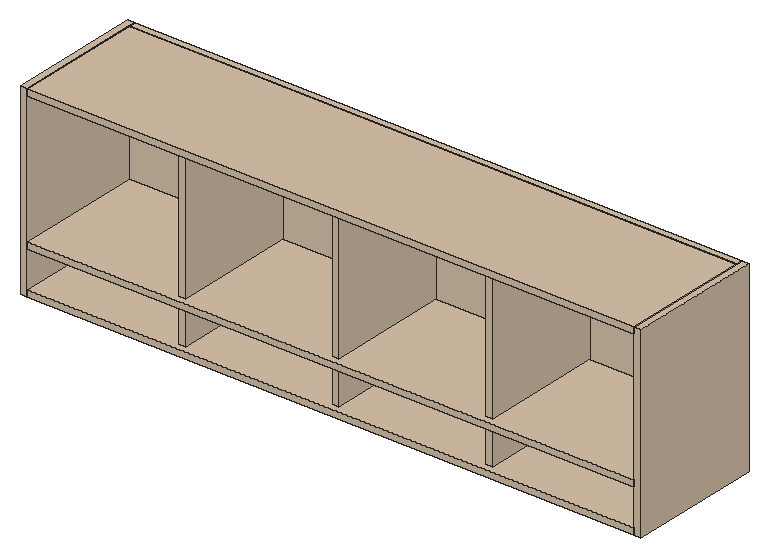
Revit family "Haworth_ComposeStorage_StorageBox2", category Furniture Systems, Revit 2018
Family settings
  Round Connector Dimension = Use Diameter
  Part Type = Normal
  OmniClass Number = 23.40.70.14.64.21
  OmniClass Title = Systems Furniture
  Work Plane-Based = No
  Always vertical = Yes
  Cut with Voids When Loaded = No
  Shared = No
  Room Calculation Point = No
Parameters (values of type "Wall Mounted Storage Box - 96w")
  Width = 72"
  Edge Finish = Haworth _ Wood _ White Oak
  Door2 = yes
  Door Width = if(Actual Width > 48", Actual Width / 2 - 1/4", Actual Width - 1/2")  # 35 3/4"
  Door 2 Right Edge = 1/4"
  Center Vertical = Actual Width > 48"  # yes
  Warranty = "http://www.haworth.com/resources/product-info/warranties"
  URL - Product = "http://www.haworth.com/products/storage/cabinets-towers/compose"
  Sustainability Info = "http://media.haworth.com/asset/2999/Compose%20PEDS.pdf"
  Model = "Haworth - Compose - Wall Mounted Storage Box"  # constant formula
  Description = "Haworth - Compose - Wall Mounted Storage Box"  # constant formula
  Cabinet Finish = Haworth _ Wood _ White Oak
  Box Width = (Actual Width - 3/4") / 4  # 17 13/16"
  Assembly Code = "E2020200"
  URL = "www.haworth.com"
  Size = "Verify Final Dim. w/ Haworth"  # constant formula
  Revision Number = "4"  # constant formula
  Mounting Offset [instance] = 29"
  Manufacturer = "Haworth"  # constant formula
  Author = "SHAPE Environments, LLC"  # constant formula
  Standard Widths = "48, 60, 66, 72 in."  # constant formula
  Actual Width = Width  # 72"
  Actual Height = 21 5/8"  # constant formula
  Actual Depth = 15 5/8"  # constant formula
Reference planes (in)
  plane 1 "Back": y = 0
  plane 2: z = 0
  plane 3 "Center L/R": x = -20.5
  plane 4 "Bottom": z = 29
  plane 5 "Top": z = 77.625
  plane 6 "left": x = -56.5
  plane 7 "right": x = 15.5
  plane 8 "Inside Right": x = 14.75
  plane 9 "Inside Left": x = -55.75
  plane 10 "Front": y = -15.625
  plane 11 "divider front": y = -14.875
  plane 12 "Back Thickness": y = -0.75
  plane 13 "Bottom of Door": z = 56
  plane 14 "Door Edge": x = -20.5
  plane 15 "Divider - Left Side": x = -20.875
  plane 16 "Divider - Right Side": x = -20.125
  plane 17: z = 76.875
  plane 18: z = 56.75
  plane 19: x = -38.3125
  plane 20: x = -2.6875
  plane 21: z = 61
  plane 22: z = 61.75
  plane 23: x = -56.125
  plane 24: x = 15.125
Forms (in)
  Extrusion 1, solid, material "Haworth _ Wood _ White Oak" <- "Cabinet Finish"
    sketch origin (0, 0, 0) x (1, 0, 0) y (0, 1, 0)
      loop
        line (-56.5, 0) -> (-56.5, -15.625) -> (-55.75, -15.625) -> (-55.75, 0) -> (-56.5, 0)
    from 56 to 77.625
  Extrusion 2, solid, material "Haworth _ Wood _ White Oak" <- "Cabinet Finish"
    sketch origin (0, 0, 0) x (1, 0, 0) y (0, 1, 0)
      loop
        line (14.75, 0) -> (14.75, -15.625) -> (15.5, -15.625) -> (15.5, 0) -> (14.75, 0)
    from 56 to 77.625
  Extrusion 3, solid, material "Haworth _ Wood _ White Oak" <- "Cabinet Finish"
    sketch origin (-56.5, 0, 0) x (0, 0, 1) y (0, -1, 0)
      loop
        line (77.625, 0) -> (77.625, 0.75) -> (56, 0.75) -> (56, 0) -> (77.625, 0)
    from 0.75 to 71.25
  Extrusion 4, solid, material "Haworth _ Wood _ White Oak" <- "Cabinet Finish"
    sketch origin (-56.5, 0, 0) x (0, 0, 1) y (0, -1, 0)
      loop
        line (77.625, 0.75) -> (77.625, 15.625) -> (76.875, 15.625) -> (76.875, 0.75) -> (77.625, 0.75)
    from 0.75 to 71.25
  Extrusion 5, solid, material "Haworth _ Wood _ White Oak" <- "Cabinet Finish"
    sketch origin (0, 0, 0) x (1, 0, 0) y (0, 1, 0)
      loop
        line (-20.875, -0.75) -> (-20.875, -14.875) -> (-20.125, -14.875) -> (-20.125, -0.75) -> (-20.875, -0.75)
    from 56.75 to 76.875
  Extrusion 6, solid, material "Haworth _ Wood _ White Oak" <- "Cabinet Finish"
    sketch origin (-56.5, 0, -20.875) x (0, 0, 1) y (0, -1, 0)
      loop
        line (77.625, 0) -> (77.625, 15.625) -> (76.875, 15.625) -> (76.875, 0) -> (77.625, 0)
    from 0.75 to 71.25
  Extrusion 7, solid, material "Haworth _ Wood _ White Oak" <- "Cabinet Finish"
    sketch origin (-23.8125, 0, 0) x (1, 0, 0) y (0, 1, 0)
      loop
        line (-14.875, -0.75) -> (-14.875, -14.875) -> (-14.125, -14.875) -> (-14.125, -0.75) -> (-14.875, -0.75)
    from 56.75 to 76.875
  Extrusion 8, solid, material "Haworth _ Wood _ White Oak" <- "Cabinet Finish"
    sketch origin (23.8125, 0, 0) x (1, 0, 0) y (0, 1, 0)
      loop
        line (-26.875, -0.75) -> (-26.875, -14.875) -> (-26.125, -14.875) -> (-26.125, -0.75) -> (-26.875, -0.75)
    from 56.75 to 76.875
  Extrusion 9, solid, material "Haworth _ Wood _ White Oak" <- "Cabinet Finish"
    sketch origin (-56.5, 0, -15.875) x (0, 0, 1) y (0, -1, 0)
      loop
        line (77.625, 0.75) -> (77.625, 15.625) -> (76.875, 15.625) -> (76.875, 0.75) -> (77.625, 0.75)
    from 0.75 to 71.25
Cuts and joins
  joined: Extrusion 5, Extrusion 7, Extrusion 8, Extrusion 9
Lines and regions (in)
  symbolic lines, style "Haworth Hidden"
    curve 1: line (-56.5, 0, 0) -> (15.5, 0, 0)
    curve 2: line (-56.5, -15.625, 0) -> (-56.5, 0, 0)
    curve 3: line (15.5, -15.625, 0) -> (-56.5, -15.625, 0)
    curve 4: line (15.5, 0, 0) -> (15.5, -15.625, 0)
Dimensions and locks (in)
  "Actual Width": plane 7 "right" to plane 6 "left"
  plane 4 "Bottom" to level = 29"
  locked: plane 11 "divider front" to plane 10 "Front" at 0.75
  plane 12 "Back Thickness" to plane 1 "Back" = 3/4"
  locked: plane 6 "left" to plane 9 "Inside Left" at 0.75
  locked: plane 15 "Divider - Left Side" to plane 3 "Center L/R" at 0.375
  locked: plane 3 "Center L/R" to plane 16 "Divider - Right Side" at 0.375
  locked: plane 7 "right" to plane 8 "Inside Right" at 0.75
  plane 13 "Bottom of Door" to plane 4 "Bottom" = 27"
  locked: plane 5 "Top" to plane 13 "Bottom of Door" at 21.625
  locked: plane 5 "Top" to plane 17 at 0.75
  "Actual Depth": plane 10 "Front" to plane 1 "Back"
  "Box Width": plane 23 to plane 19
  "Box Width": plane 19 to plane 14 "Door Edge"
  "Box Width": plane 14 "Door Edge" to plane 20
  "Box Width": plane 20 to plane 24
  locked: plane 6 "left" to plane 23 at 0.375
  aligned and locked: plane 6 "left" to Extrusion 1 sketch curve
  aligned and locked: plane 1 "Back" to Extrusion 1 sketch curve
  aligned and locked: plane 9 "Inside Left" to Extrusion 1 sketch curve
  aligned: plane 5 "Top" to Extrusion 1
  aligned: Extrusion 1 to plane 4 "Bottom"
  aligned and locked: plane 8 "Inside Right" to Extrusion 2 sketch curve
  aligned and locked: Extrusion 2 sketch curve to plane 7 "right"
  aligned and locked: plane 1 "Back" to Extrusion 2 sketch curve
  aligned: plane 5 "Top" to Extrusion 2
  aligned: Extrusion 2 to plane 4 "Bottom"
  aligned and locked: Extrusion 3 sketch curve to plane 5 "Top"
  aligned and locked: plane 12 "Back Thickness" to Extrusion 3 sketch curve
  aligned and locked: plane 9 "Inside Left" to Extrusion 3
  aligned and locked: plane 8 "Inside Right" to Extrusion 3
  aligned and locked: Extrusion 4 sketch curve to plane 5 "Top"
  aligned and locked: plane 8 "Inside Right" to Extrusion 4
  aligned and locked: plane 15 "Divider - Left Side" to Extrusion 5 sketch curve
  aligned and locked: Extrusion 5 sketch curve to plane 16 "Divider - Right Side"
  aligned and locked: Extrusion 5 sketch curve to plane 12 "Back Thickness"
  aligned and locked: plane 1 "Back" to curve 1
  aligned and locked: plane 6 "left" to curve 2
  aligned and locked: plane 10 "Front" to curve 3
  aligned and locked: curve 4 to plane 7 "right"
  aligned and locked: plane 5 "Top" to Extrusion 1
  aligned and locked: Extrusion 1 to plane 13 "Bottom of Door"
  aligned and locked: plane 5 "Top" to Extrusion 2
  aligned and locked: Extrusion 2 to plane 13 "Bottom of Door"
  aligned and locked: plane 9 "Inside Left" to Extrusion 4
  aligned and locked: Extrusion 4 to plane 17
  aligned and locked: plane 17 to Extrusion 5
  aligned and locked: Extrusion 5 to plane 18
  aligned and locked: Extrusion 8 to plane 11 "divider front"
  aligned and locked: Extrusion 5 to plane 11 "divider front"
  aligned and locked: Extrusion 7 to plane 11 "divider front"
  aligned and locked: plane 10 "Front" to Extrusion 1 sketch curve
  aligned and locked: plane 10 "Front" to Extrusion 2 sketch curve
  aligned and locked: Extrusion 6 to plane 10 "Front"
  aligned and locked: Extrusion 4 sketch curve to plane 10 "Front"
  aligned and locked: Extrusion 4 to cut or joined group of Extrusion 5, Extrusion 7, Extrusion 8, Extrusion 9
  aligned and locked: Extrusion 4 to Extrusion 1
  aligned and locked: Extrusion 4 to Extrusion 2
  aligned and locked: Extrusion 2 to Extrusion 3
  aligned and locked: Extrusion 2 to plane 8 "Inside Right"
  aligned and locked: Extrusion 3 to Extrusion 2
  aligned and locked: Extrusion 1 to Extrusion 6
  aligned and locked: plane 18 to Extrusion 6
  aligned and locked: plane 8 "Inside Right" to Extrusion 6
  aligned and locked: plane 9 "Inside Left" to Extrusion 6
  aligned and locked: plane 22 to Extrusion 9
  aligned and locked: Extrusion 9 to plane 21
  aligned and locked: plane 8 "Inside Right" to Extrusion 9
  aligned and locked: plane 9 "Inside Left" to Extrusion 9
  aligned and locked: Extrusion 3 to Extrusion 1
  aligned and locked: Extrusion 1 to Extrusion 3
  aligned and locked: Extrusion 1 to plane 9 "Inside Left"
  aligned and locked: Extrusion 1 to Extrusion 2  (x2)
  aligned and locked: plane 12 "Back Thickness" to Extrusion 9
  aligned and locked: Extrusion 9 to plane 10 "Front"
  aligned and locked: plane 12 "Back Thickness" to Extrusion 4
  aligned and locked: Extrusion 6 to cut or joined group of Extrusion 5, Extrusion 7, Extrusion 8, Extrusion 9
  aligned and locked: Extrusion 3 to plane 1 "Back"
  aligned and locked: Extrusion 6 to Extrusion 3
  aligned and locked: Extrusion 8 to Extrusion 4
  aligned and locked: Extrusion 8 to Extrusion 5  (x2)
  aligned and locked: plane 12 "Back Thickness" to Extrusion 8
  aligned and locked: Extrusion 6 to plane 1 "Back"
  aligned and locked: plane 3 "Center L/R" to plane 14 "Door Edge"
Automatic sketch dimensions
  Extrusion 3 sketch curve to plane 1 "Back" = 0"
  Extrusion 3 sketch curve to plane 13 "Bottom of Door" = 0"
  plane 12 "Back Thickness" to Extrusion 4 sketch curve = 0"
  Extrusion 4 sketch curve to plane 17 = 0"
  Extrusion 5 sketch curve to plane 11 "divider front" = 0"
  plane 12 "Back Thickness" to Extrusion 6 sketch curve = 3/4"
  Extrusion 6 sketch curve to plane 13 "Bottom of Door" = 0"
  plane 18 to Extrusion 6 sketch curve = 0"
  Extrusion 6 sketch curve to plane 10 "Front" = 0"
  Extrusion 7 sketch curve to plane 11 "divider front" = 0"
  Extrusion 7 sketch curve to plane 12 "Back Thickness" = 0"
  Extrusion 7 sketch curve to plane 19 = 3/8"
  plane 19 to Extrusion 7 sketch curve = 3/8"
  Extrusion 8 sketch curve to plane 11 "divider front" = 0"
  Extrusion 8 sketch curve to plane 12 "Back Thickness" = 0"
  Extrusion 8 sketch curve to plane 20 = 3/8"
  plane 20 to Extrusion 8 sketch curve = 3/8"
  plane 12 "Back Thickness" to Extrusion 9 sketch curve = 0"
  Extrusion 9 sketch curve to plane 21 = 0"
  plane 22 to Extrusion 9 sketch curve = 0"
  Extrusion 9 sketch curve to plane 10 "Front" = 0"
